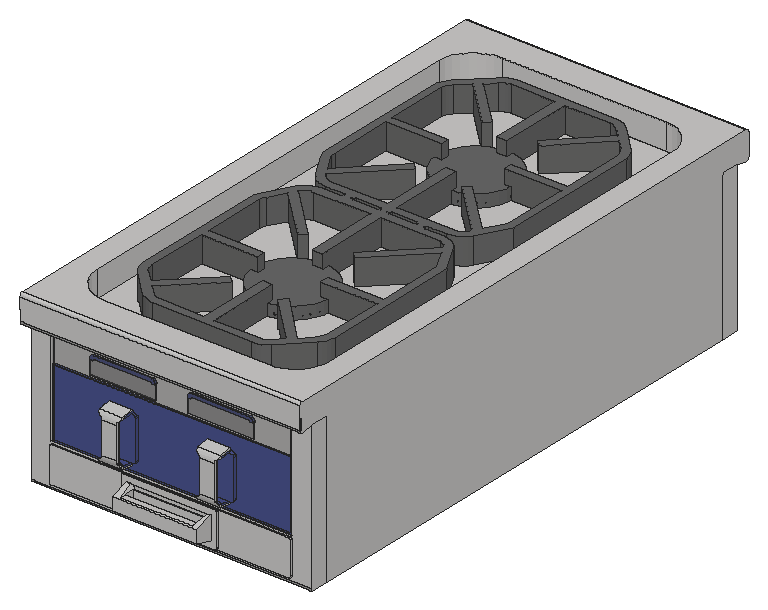
Revit family "QF_ELECTROLUXPROFESSIONAL_588047_MAGCAADOPI", category Specialty Equipment, Revit 2018
Family settings
  Round Connector Dimension = Use Diameter
  Part Type = Normal
  Work Plane-Based = No
  Always vertical = Yes
  Cut with Voids When Loaded = No
  Shared = No
  Room Calculation Point = No
Parameters
  Weight in Pounds = 81.571
  Watts = 0 W
  URL Cutsheet = ""
  Type Mark [instance] = ""
  Status [instance] = ""
  Specification by User [instance] = ""
  Specification by Manufacturer = ""
  Show Clearance [instance] = yes
  Serial Number = ""
  Seismic Rating = ""
  SMACNA No = ""
  Revision Code [instance] = ""
  Omniclass Number and Title = ""
  NAFEM Spec ID Number = ""
  Model = "588047"
  Mechanical Remarks [instance] = ""
  Mechanical Connection Type [instance] = ""
  Masterspec = ""
  Manufacturer = "ELECTROLUX"
  Item Number [instance] = ""
  Installed By [instance] = ""
  Identify Quantity as Lot [instance] = yes
  HP = "0 HP"
  Gas Size = 1/2"
  Gas RI Height [instance] = 0 mm
  Gas KW = 14
  Gas Input = 47726.0 Btu/h
  Gas Connection Height [instance] = 0 mm
  Furnished By [instance] = ""
  Foodservice Equipment Identifier [instance] = yes
  Direct Waste Size = 0"
  Description = "GAS TOP,2 BURNERS,ECO,1-SIDE,400X800X250H"
  CSI MasterFormat = ""
  CSI Master Format = ""
  Back Panel [instance] = yes
Reference planes
  plane 1 "BACK": y = 0
  plane 2: z = 0
  plane 3 "LEFT": x = 0
  plane 4 "RIGHT": x = 400
  plane 5 "FRONT": y = -800
  plane 6 "TOP": z = 250
  plane 7: x = 200
  plane 8: y = -400
  plane 9: z = 370
  plane 10: x = 365
  plane 11: y = -60.425
  plane 12: y = -1230
Forms (mm)
  Extrusion 1, solid, material "QF_Finishes_Stainless Steel"
    sketch origin (0, -487.128, 0) x (0, 1, 0) y (0, 0, 1)
      loop
        line (483.128, 250) -> (-308.872, 250)
        arc (-308.872, 250) -> (-311.7, 248.828) -> (-312.872, 246) r 4
        line (-312.872, 246) -> (-312.872, 214)
        arc (-312.872, 214) -> (-311.437, 210.931) -> (-308.161, 210.064) r 4
        line (-308.161, 210.064) -> (-292.872, 213) -> (-267.872, 213) -> (-267.872, 0) -> (441.714, 0) -> (441.714, 213) -> (465.765, 213) -> (482.433, 210.061)
        arc (482.433, 210.061) -> (485.699, 210.936) -> (487.128, 214) r 4
        line (487.128, 214) -> (487.128, 246)
        arc (487.128, 246) -> (485.956, 248.828) -> (483.128, 250) r 4
    from 0 to 400
  Extrusion 2, solid, material "QF_Finishes_Stainless Steel", visible <- "Back Panel"
    sketch origin (0, 0.586, 0) x (0, 1, 0) y (0, 0, 1)
      loop
        line (-46, 0) -> (-21, 0) -> (-21, 212.833) -> (-21.949, 213) -> (-46, 213) -> (-46, 0)
    from 0 to 400
  Extrusion 3, void
    sketch origin (653.786, 44.048, 250) x (1, 0, 0) y (0, -1, 0)
      loop
        line (-570.234, 89.462) -> (-335.321, 89.462)
        arc (-335.321, 89.462) -> (-300.694, 103.805) -> (-286.351, 138.432) r 48.97
        line (-286.351, 138.432) -> (-286.351, 750.078)
        arc (-286.351, 750.078) -> (-300.694, 784.705) -> (-335.321, 799.048) r 48.97
        line (-335.321, 799.048) -> (-570.234, 799.048)
        arc (-570.234, 799.048) -> (-605.59, 784.403) -> (-620.234, 749.048) r 50
        line (-620.234, 749.048) -> (-620.234, 139.462)
        arc (-620.234, 139.462) -> (-605.59, 104.107) -> (-570.234, 89.462) r 50
    from 0 to 37
  Extrusion 4, solid, material "QF_Finishes_Stainless Steel"
    sketch origin (10, -560, 0) x (1, 0, 0) y (0, -1, 0)
      loop
        circle (355, -70) r 6.35
    from 0 to 3.2
  Extrusion 5, solid, material "QF_Door-Drawer Clearances", visible <- "Show Clearance", detail levels coarse
    sketch origin (-178.969, -4572, 0) x (-1, 0, 0) y (0, -1, 0)
      loop
        line (-207.364, -3789.407) -> (-207.364, -3342) -> (-551.364, -3342) -> (-551.364, -3789.407) -> (-207.364, -3789.407)
    from 8.012 to 59.392
Cuts and joins
  Extrusion 3 cuts Extrusion 1
Lines and regions (mm)
  symbolic lines
    curve 1: line (0, 0, 0) -> (400, 0, 0)
    curve 2: line (0, -800, 0) -> (0, 0, 0)
    curve 3: line (400, -800, 0) -> (0, -800, 0)
    curve 4: line (400, 0, 0) -> (400, -800, 0)
    curve 5: arc (83.552, -755, 0) -> (48.197, -740.355, 0) -> (33.552, -705, 0) r 50
    curve 6: line (33.552, -705, 0) -> (33.552, -95.414, 0)
    curve 7: arc (33.552, -95.414, 0) -> (48.197, -60.059, 0) -> (83.552, -45.414, 0) r 50
    curve 8: line (83.552, -45.414, 0) -> (318.465, -45.414, 0)
    curve 9: arc (318.465, -45.414, 0) -> (353.092, -59.757, 0) -> (367.435, -94.384, 0) r 48.97
    curve 10: line (367.435, -94.384, 0) -> (367.435, -706.03, 0)
    curve 11: arc (367.435, -706.03, 0) -> (353.092, -740.657, 0) -> (318.465, -755, 0) r 48.97
    curve 12: line (318.465, -755, 0) -> (83.552, -755, 0)
  symbolic lines, style "QF_Door-Drawer Clearances"
    curve 13: line (28.395, -800, 0) -> (28.395, -1230, 0)
    curve 14: line (28.395, -1230, 0) -> (372.395, -1230, 0)
    curve 15: line (372.395, -1230, 0) -> (372.395, -800, 0)
Dimensions and locks
  plane 3 "LEFT" to plane 4 "RIGHT" = 400 mm
  plane 5 "FRONT" to plane 1 "BACK" = 800 mm
  equal spacing: plane 3 "LEFT", plane 7, plane 4 "RIGHT"
  equal spacing: plane 5 "FRONT", plane 8, plane 1 "BACK"
  plane 6 "TOP" to level = 250 mm  (x2)
  plane 1 "BACK" to plane 5 "FRONT" = 800 mm
  Extrusion 4 sketch curve to plane 1 "BACK" = 490 mm
  Extrusion 4 sketch curve to plane 4 "RIGHT" = 35 mm
  plane 1 "BACK" to Extrusion 4 = 490 mm
  locked: plane 10 to plane 4 "RIGHT" at 35
  plane 12 to plane 5 "FRONT" = 430 mm
  aligned and locked: level to plane 2
  aligned and locked: Extrusion 1 to plane 4 "RIGHT"
Automatic sketch dimensions
  Extrusion 1 sketch curve to plane 5 "FRONT" = 0 mm
  Extrusion 1 sketch curve to plane 6 "TOP" = 0 mm
  Extrusion 1 sketch curve to level = 0 mm
  Extrusion 1 sketch curve to plane 1 "BACK" = 0 mm
  Extrusion 1 sketch curve to plane 6 "TOP" = 37 mm  (x2)
  Extrusion 1 sketch curve to plane 5 "FRONT" = 4 mm
  Extrusion 1 sketch curve to plane 5 "FRONT" = 20 mm
  Extrusion 1 sketch curve to plane 5 "FRONT" = 45 mm
  plane 1 "BACK" to Extrusion 1 sketch curve = 21.363 mm
  plane 1 "BACK" to Extrusion 1 sketch curve = 4 mm  (x2)
  Extrusion 1 sketch curve to Extrusion 1 sketch curve = 4 mm
  Extrusion 1 sketch curve to Extrusion 1 sketch curve = 0.711 mm
  plane 1 "BACK" to Extrusion 1 sketch curve = 4.695 mm
  Extrusion 1 sketch curve to Extrusion 1 sketch curve = 0 mm  (x2)
  Extrusion 1 sketch curve to Extrusion 1 sketch curve = 1 mm  (x2)
  plane 1 "BACK" to Extrusion 1 sketch curve = 45.414 mm
  plane 1 "BACK" to curve 1 = 0 mm
  curve 1 to plane 4 "RIGHT" = 0 mm
  curve 2 to plane 3 "LEFT" = 0 mm
  plane 5 "FRONT" to curve 2 = 0 mm
  Extrusion 3 sketch curve to Extrusion 3 sketch curve = 50 mm  (x2)
  Extrusion 1 to Extrusion 3 sketch curve = 81.535 mm  (x2)
  Extrusion 1 to Extrusion 3 sketch curve = 41 mm
  Extrusion 1 to Extrusion 3 sketch curve = 32.565 mm
  Extrusion 1 to Extrusion 3 sketch curve = 33.552 mm
  Extrusion 1 to Extrusion 3 sketch curve = 91.414 mm
  Extrusion 2 sketch curve to level = 0 mm
  plane 11 to Extrusion 2 sketch curve = 15.012 mm
  Extrusion 2 sketch curve to plane 6 "TOP" = 37.167 mm
  Extrusion 2 sketch curve to Extrusion 2 sketch curve = 0.949 mm
  plane 1 "BACK" to Extrusion 2 sketch curve = 20.414 mm
  Extrusion 2 sketch curve to plane 6 "TOP" = 37 mm
  curve 10 to plane 10 = 2.435 mm
  plane 11 to curve 8 = 15.012 mm
  plane 10 to curve 8 = 46.535 mm
  plane 3 "LEFT" to curve 8 = 83.552 mm
  plane 3 "LEFT" to curve 6 = 33.552 mm
  curve 6 to plane 5 "FRONT" = 95 mm
  plane 10 to curve 12 = 46.535 mm
  curve 10 to plane 5 "FRONT" = 93.97 mm
  plane 5 "FRONT" to curve 13 = 0 mm
  plane 5 "FRONT" to curve 15 = 0 mm
  plane 3 "LEFT" to curve 13 = 28.395 mm
  curve 15 to plane 10 = 7.395 mm
  plane 5 "FRONT" to curve 15 = 430 mm
  Extrusion 5 sketch curve to plane 10 = 7.395 mm
  Extrusion 5 sketch curve to plane 5 "FRONT" = 17.407 mm
  plane 3 "LEFT" to Extrusion 5 sketch curve = 28.395 mm
  plane 5 "FRONT" to Extrusion 5 sketch curve = 430 mm
  radius of Extrusion 4 sketch curve = 6.35 mm
Nested families
  nested 1: "OBT_800_Open Burner" at (200, -400.207, -649.319), type "OBT_800_Open Burner"
  nested 2: "EG_800_500_Single Range Control Handle Front Panel 1b" at (202.376, -755, -650), type "EG_800_500_Single Range Control Handle Front Panel 1b"
Connectors
  piping at (365, -490, -3.2), diameter 12.8
    settings: on Extrusion 4, index 1, connector inside diameter 0.50394", connector length 0 mm, flow factor 0, pipe flow 0 GPM, pressure drop 0.00 psi, fitting loss kfactor 0, connector angle 0.00°, fixture units 0, engagement length 0 mm, angle of deflection 0.00°, flow configuration 1, flow direction 1, fitting loss method 0, system type 7, joint type 0, gender type 0, connector reference index -1, connector utility 0, adjustable connector no, is connector primary yes, connector description "GAS CONNECTION"
Definition of nested family "OBT_800_Open Burner"
  Reference planes
    plane 1 "Center (Front/Back)": y = 0
    plane 2: z = 0
    plane 3 "Center (Left/Right)": x = 0
    plane 4: x = -136.448
    plane 5: x = 137.435
    plane 6: y = 324.793
    plane 7: y = -324.793
  Forms (mm)
    Extrusion 1, solid
      sketch origin (2130.573, 56.896, -679.622) x (1, 0, 0) y (0, 1, 0)
        loop
          line (-2137.44, 256.49) -> (-2200.793, 256.49)
          arc (-2200.793, 256.49) -> (-2207.908, 255.075) -> (-2213.94, 251.044) r 18.593
          line (-2213.94, 251.044) -> (-2226.233, 238.751) -> (-2163.48, 175.998) -> (-2171.6, 167.877) -> (-2234.354, 230.631) -> (-2250.33, 214.654)
          arc (-2250.33, 214.654) -> (-2254.433, 208.337) -> (-2255.614, 200.897) r 18.125
          line (-2255.614, 200.897) -> (-2255.614, 113.422) -> (-2175.79, 113.422) -> (-2175.79, 101.938) -> (-2255.614, 101.938) -> (-2255.614, 10.897)
          arc (-2255.614, 10.897) -> (-2254.981, 6.085) -> (-2253.123, 1.601) r 18.593
          line (-2253.123, 1.601) -> (-2240.078, -20.994) -> (-2171.6, 47.483) -> (-2163.48, 39.363) -> (-2234.012, -31.169)
          arc (-2234.012, -31.169) -> (-2228.546, -38.527) -> (-2220.23, -42.379) r 18.593
          line (-2220.23, -42.379) -> (-2137.44, -42.379) -> (-2137.44, 62.464) -> (-2123.707, 62.464) -> (-2123.707, -42.379) -> (-2039.969, -42.379)
          arc (-2039.969, -42.379) -> (-2031.653, -38.527) -> (-2026.187, -31.169) r 18.593
          line (-2026.187, -31.169) -> (-2097.271, 39.915) -> (-2089.15, 48.035) -> (-2020.118, -20.997) -> (-2004.585, 5.916) -> (-2004.585, 101.938) -> (-2085.357, 101.938) -> (-2085.357, 113.422) -> (-2004.585, 113.422) -> (-2004.585, 197.888)
          arc (-2004.585, 197.888) -> (-2006.695, 208.496) -> (-2012.704, 217.489) r 27.72
          line (-2012.704, 217.489) -> (-2025.845, 230.631) -> (-2089.15, 167.325) -> (-2097.271, 175.446) -> (-2033.966, 238.751) -> (-2046.259, 251.044)
          arc (-2046.259, 251.044) -> (-2052.291, 255.075) -> (-2059.406, 256.49) r 18.593
          line (-2059.406, 256.49) -> (-2123.707, 256.49) -> (-2123.707, 152.897) -> (-2137.44, 152.897) -> (-2137.44, 256.49)
        loop
          arc (-2267.021, 10.897) -> (-2265.999, 3.132) -> (-2263.002, -4.103) r 30
          line (-2263.002, -4.103) -> (-2242.795, -39.103)
          arc (-2242.795, -39.103) -> (-2231.814, -50.084) -> (-2216.814, -54.103) r 30
          line (-2216.814, -54.103) -> (-2189.287, -54.103)
          arc (-2189.287, -54.103) -> (-2188.243, -56) -> (-2186.272, -56.896) r 3.438
          arc (-2186.272, -56.896) -> (-2188.243, -57.792) -> (-2189.287, -59.689) r 3.438
          line (-2189.287, -59.689) -> (-2216.814, -59.689)
          arc (-2216.814, -59.689) -> (-2231.814, -63.708) -> (-2242.795, -74.689) r 30
          line (-2242.795, -74.689) -> (-2263.002, -109.689)
          arc (-2263.002, -109.689) -> (-2265.999, -116.924) -> (-2267.021, -124.689) r 30
          line (-2267.021, -124.689) -> (-2267.021, -315.461)
          arc (-2267.021, -315.461) -> (-2264.738, -326.941) -> (-2258.234, -336.674) r 30
          line (-2258.234, -336.674) -> (-2221.975, -372.933)
          arc (-2221.975, -372.933) -> (-2212.253, -379.414) -> (-2200.793, -381.689) r 30
          line (-2200.793, -381.689) -> (-2059.406, -381.689)
          arc (-2059.406, -381.689) -> (-2047.942, -379.412) -> (-2038.218, -372.928) r 30
          line (-2038.218, -372.928) -> (-2001.964, -336.674)
          arc (-2001.964, -336.674) -> (-1995.461, -326.941) -> (-1993.138, -315.461) r 30
          line (-1993.138, -315.461) -> (-1993.138, -116.719) -> (-2017.404, -74.689)
          arc (-2017.404, -74.689) -> (-2028.385, -63.708) -> (-2043.385, -59.689) r 30
          line (-2043.385, -59.689) -> (-2070.476, -59.689)
          arc (-2070.476, -59.689) -> (-2072.136, -57.759) -> (-2074.531, -56.896) r 5
          arc (-2074.531, -56.896) -> (-2072.136, -56.033) -> (-2070.476, -54.103) r 5
          line (-2070.476, -54.103) -> (-2043.385, -54.103)
          arc (-2043.385, -54.103) -> (-2028.385, -50.084) -> (-2017.404, -39.103) r 30
          line (-2017.404, -39.103) -> (-1993.294, 2.656) -> (-1993.294, 204.314)
          arc (-1993.294, 204.314) -> (-1995.995, 214.361) -> (-2001.964, 222.882) r 30
          line (-2001.964, 222.882) -> (-2038.218, 259.136)
          arc (-2038.218, 259.136) -> (-2047.942, 265.62) -> (-2059.406, 267.897) r 30
          line (-2059.406, 267.897) -> (-2200.793, 267.897)
          arc (-2200.793, 267.897) -> (-2212.253, 265.622) -> (-2221.975, 259.141) r 30
          line (-2221.975, 259.141) -> (-2258.234, 222.882)
          arc (-2258.234, 222.882) -> (-2264.738, 213.149) -> (-2267.021, 201.669) r 30
          line (-2267.021, 201.669) -> (-2267.021, 10.897)
        loop
          arc (-2122.397, -54.103) -> (-2124.057, -56.033) -> (-2126.452, -56.896) r 5
          arc (-2126.452, -56.896) -> (-2124.057, -57.759) -> (-2122.397, -59.689) r 5
          line (-2122.397, -59.689) -> (-2085.985, -59.689)
          arc (-2085.985, -59.689) -> (-2084.941, -57.792) -> (-2082.97, -56.896) r 3.438
          arc (-2082.97, -56.896) -> (-2084.941, -56) -> (-2085.985, -54.103) r 3.438
          line (-2085.985, -54.103) -> (-2122.397, -54.103)
        loop
          arc (-2173.778, -54.103) -> (-2175.438, -56.033) -> (-2177.833, -56.896) r 5
          arc (-2177.833, -56.896) -> (-2175.438, -57.759) -> (-2173.778, -59.689) r 5
          line (-2173.778, -59.689) -> (-2137.906, -59.689)
          arc (-2137.906, -59.689) -> (-2136.862, -57.792) -> (-2134.891, -56.896) r 3.438
          arc (-2134.891, -56.896) -> (-2136.862, -56) -> (-2137.906, -54.103) r 3.438
          line (-2137.906, -54.103) -> (-2173.778, -54.103)
        loop
          line (-2137.44, -370.282) -> (-2137.44, -265.439) -> (-2123.707, -265.439) -> (-2123.707, -370.282) -> (-2059.406, -370.282)
          arc (-2059.406, -370.282) -> (-2052.291, -368.867) -> (-2046.259, -364.836) r 18.593
          line (-2046.259, -364.836) -> (-2033.341, -351.918) -> (-2097.271, -287.988) -> (-2089.15, -279.867) -> (-2025.22, -343.798) -> (-2012.704, -331.281)
          arc (-2012.704, -331.281) -> (-2006.695, -322.288) -> (-2004.585, -311.68) r 27.72
          line (-2004.585, -311.68) -> (-2004.585, -225.964) -> (-2085.357, -225.964) -> (-2085.357, -214.48) -> (-2004.585, -214.48) -> (-2004.585, -119.708) -> (-2020.576, -92.003) -> (-2089.15, -160.577) -> (-2097.271, -152.457) -> (-2026.57, -81.755)
          arc (-2026.57, -81.755) -> (-2032.024, -74.971) -> (-2039.969, -71.413) r 18.593
          line (-2039.969, -71.413) -> (-2123.707, -71.413) -> (-2123.707, -175.006) -> (-2137.44, -175.006) -> (-2137.44, -71.413) -> (-2220.23, -71.413)
          arc (-2220.23, -71.413) -> (-2228.175, -74.971) -> (-2233.629, -81.755) r 18.593
          line (-2233.629, -81.755) -> (-2163.48, -151.905) -> (-2171.6, -160.025) -> (-2239.62, -92.005) -> (-2253.123, -115.393)
          arc (-2253.123, -115.393) -> (-2254.981, -119.877) -> (-2255.614, -124.689) r 18.593
          line (-2255.614, -124.689) -> (-2255.614, -214.48) -> (-2175.79, -214.48) -> (-2175.79, -225.964) -> (-2255.614, -225.964) -> (-2255.614, -314.689)
          arc (-2255.614, -314.689) -> (-2254.433, -322.129) -> (-2250.33, -328.446) r 18.125
          line (-2250.33, -328.446) -> (-2234.979, -343.798) -> (-2171.6, -280.419) -> (-2163.48, -288.54) -> (-2226.858, -351.918) -> (-2213.94, -364.836)
          arc (-2213.94, -364.836) -> (-2207.908, -368.867) -> (-2200.793, -370.282) r 18.593
          line (-2200.793, -370.282) -> (-2137.44, -370.282)
      from 1542.072 to 1578.941
    Extrusion 2, solid
      sketch origin (2130.573, 86.122, 0) x (1, 0, 0) y (0, 1, 0)
        loop
          circle (-2130.573, -249.448) r 55
        loop
          circle (-2130.573, 78.455) r 55
      from 862.45 to 879.837
    Extrusion 3, void
      sketch origin (-124.371, -330.785, -22.784) x (-0.587785, -0.809017, 0) y (0, 0, 1)
        loop
          circle (-213.495, 891.283) r 1
      from -67.69 to -35.114
    Extrusion 4, void
      sketch origin (-89.903, -351.417, -22.784) x (-0.422618, -0.906308, 0) y (0, 0, 1)
        loop
          circle (-213.495, 891.283) r 1
      from -74.826 to -35.114
    Extrusion 5, void
      sketch origin (-52.131, -365.093, -22.784) x (-0.241922, -0.970296, 0) y (0, 0, 1)
        loop
          circle (-213.495, 891.283) r 1
      from -67.69 to -35.114
    Extrusion 6, void
      sketch origin (27.702, -369.842, -22.784) x (0.139173, -0.990268, 0) y (0, 0, 1)
        loop
          circle (-213.495, 891.283) r 1
      from -67.69 to -35.114
    Extrusion 7, void
      sketch origin (66.829, -360.74, -22.784) x (0.325568, -0.945519, 0) y (0, 0, 1)
        loop
          circle (-213.495, 891.283) r 1
      from -67.69 to -35.114
    Extrusion 8, void
      sketch origin (103.5, -344.339, -22.784) x (0.5, -0.866025, 0) y (0, 0, 1)
        loop
          circle (-213.495, 891.283) r 1
      from -67.69 to -35.114
    Extrusion 9, void
      sketch origin (136.368, -321.242, -22.784) x (0.656059, -0.75471, 0) y (0, 0, 1)
        loop
          circle (-213.495, 891.283) r 1
      from -67.69 to -35.114
    Extrusion 10, void
      sketch origin (164.225, -292.298, -22.784) x (0.788011, -0.615661, 0) y (0, 0, 1)
        loop
          circle (-213.495, 891.283) r 1
      from -67.69 to -35.114
    Extrusion 11, void
      sketch origin (186.048, -258.571, -22.784) x (0.891007, -0.45399, 0) y (0, 0, 1)
        loop
          circle (-213.495, 891.283) r 1
      from -67.69 to -35.114
    Extrusion 12, void
      sketch origin (201.034, -221.299, -22.784) x (0.961262, -0.275637, 0) y (0, 0, 1)
        loop
          circle (-213.495, 891.283) r 1
      from -67.69 to -35.114
    Extrusion 13, void
      sketch origin (208.566, -141.681, -22.784) x (0.994522, 0.104528, 0) y (0, 0, 1)
        loop
          circle (-213.495, 891.283) r 1
      from -67.69 to -35.114
    Extrusion 14, void
      sketch origin (200.835, -102.26, -22.784) x (0.956305, 0.292372, 0) y (0, 0, 1)
        loop
          circle (-213.495, 891.283) r 1
      from -67.69 to -35.114
    Extrusion 15, void
      sketch origin (185.724, -65.039, -22.784) x (0.882948, 0.469472, 0) y (0, 0, 1)
        loop
          circle (-213.495, 891.283) r 1
      from -67.69 to -35.114
    Extrusion 16, void
      sketch origin (163.788, -31.385, -22.784) x (0.777146, 0.62932, 0) y (0, 0, 1)
        loop
          circle (-213.495, 891.283) r 1
      from -67.69 to -35.114
    Extrusion 17, void
      sketch origin (135.834, -2.534, -22.784) x (0.642788, 0.766044, 0) y (0, 0, 1)
        loop
          circle (-213.495, 891.283) r 1
      from -67.69 to -35.114
    Extrusion 18, void
      sketch origin (102.889, 20.452, -22.784) x (0.48481, 0.87462, 0) y (0, 0, 1)
        loop
          circle (-213.495, 891.283) r 1
      from -67.69 to -35.114
    Extrusion 19, void
      sketch origin (66.163, 36.73, -22.784) x (0.309017, 0.951057, 0) y (0, 0, 1)
        loop
          circle (-213.495, 891.283) r 1
      from -67.69 to -35.114
    Extrusion 20, void
      sketch origin (-52.811, 40.685, -22.784) x (-0.258819, 0.965926, 0) y (0, 0, 1)
        loop
          circle (-213.495, 891.283) r 1
      from -67.69 to -35.114
    Extrusion 21, void
      sketch origin (-90.537, 26.882, -22.784) x (-0.438371, 0.898794, 0) y (0, 0, 1)
        loop
          circle (-213.495, 891.283) r 1
      from -67.69 to -35.114
    Extrusion 22, void
      sketch origin (-124.936, 6.135, -22.784) x (-0.601815, 0.798636, 0) y (0, 0, 1)
        loop
          circle (-213.495, 891.283) r 1
      from -67.69 to -35.114
    Extrusion 23, void
      sketch origin (-154.744, -20.796, -22.784) x (-0.743145, 0.669131, 0) y (0, 0, 1)
        loop
          circle (-213.495, 891.283) r 1
      from -67.69 to -35.114
    Extrusion 24, void
      sketch origin (-178.866, -52.919, -22.784) x (-0.857167, 0.515038, 0) y (0, 0, 1)
        loop
          circle (-213.495, 891.283) r 1
      from -67.69 to -35.114
    Extrusion 25, void
      sketch origin (-196.416, -89.054, -22.784) x (-0.939693, 0.34202, 0) y (0, 0, 1)
        loop
          circle (-213.495, 891.283) r 1
      from -67.69 to -35.114
    Extrusion 26, void
      sketch origin (-204.521, -207.817, -22.784) x (-0.97437, -0.224951, 0) y (0, 0, 1)
        loop
          circle (-213.495, 891.283) r 1
      from -67.69 to -35.114
    Extrusion 27, void
      sketch origin (-192.043, -246.002, -22.784) x (-0.913545, -0.406737, 0) y (0, 0, 1)
        loop
          circle (-213.495, 891.283) r 1
      from -67.69 to -35.114
    Extrusion 28, void
      sketch origin (-172.509, -281.104, -22.784) x (-0.819152, -0.573576, 0) y (0, 0, 1)
        loop
          circle (-213.495, 891.283) r 1
      from -67.69 to -35.114
    Extrusion 29, void
      sketch origin (-146.635, -311.834, -22.784) x (-0.694658, -0.71934, 0) y (0, 0, 1)
        loop
          circle (-213.495, 891.283) r 1
      from -67.69 to -35.114
    Extrusion 30, void
      sketch origin (-124.371, -2.882, -22.784) x (-0.587785, -0.809017, 0) y (0, 0, 1)
        loop
          circle (-213.495, 891.283) r 1
      from -67.69 to -35.114
    Extrusion 31, void
      sketch origin (-89.903, -23.515, -22.784) x (-0.422618, -0.906308, 0) y (0, 0, 1)
        loop
          circle (-213.495, 891.283) r 1
      from -74.826 to -35.114
    Extrusion 32, void
      sketch origin (-52.131, -37.191, -22.784) x (-0.241922, -0.970296, 0) y (0, 0, 1)
        loop
          circle (-213.495, 891.283) r 1
      from -67.69 to -35.114
    Extrusion 33, void
      sketch origin (27.702, -41.939, -22.784) x (0.139173, -0.990268, 0) y (0, 0, 1)
        loop
          circle (-213.495, 891.283) r 1
      from -67.69 to -35.114
    Extrusion 34, void
      sketch origin (66.829, -32.837, -22.784) x (0.325568, -0.945519, 0) y (0, 0, 1)
        loop
          circle (-213.495, 891.283) r 1
      from -67.69 to -35.114
    Extrusion 35, void
      sketch origin (103.5, -16.436, -22.784) x (0.5, -0.866025, 0) y (0, 0, 1)
        loop
          circle (-213.495, 891.283) r 1
      from -67.69 to -35.114
    Extrusion 36, void
      sketch origin (136.368, 6.66, -22.784) x (0.656059, -0.75471, 0) y (0, 0, 1)
        loop
          circle (-213.495, 891.283) r 1
      from -67.69 to -35.114
    Extrusion 37, void
      sketch origin (164.225, 35.604, -22.784) x (0.788011, -0.615661, 0) y (0, 0, 1)
        loop
          circle (-213.495, 891.283) r 1
      from -67.69 to -35.114
    Extrusion 38, void
      sketch origin (186.048, 69.332, -22.784) x (0.891007, -0.45399, 0) y (0, 0, 1)
        loop
          circle (-213.495, 891.283) r 1
      from -67.69 to -35.114
    Extrusion 39, void
      sketch origin (201.034, 106.603, -22.784) x (0.961262, -0.275637, 0) y (0, 0, 1)
        loop
          circle (-213.495, 891.283) r 1
      from -67.69 to -35.114
    Extrusion 40, void
      sketch origin (208.566, 186.222, -22.784) x (0.994522, 0.104528, 0) y (0, 0, 1)
        loop
          circle (-213.495, 891.283) r 1
      from -67.69 to -35.114
    Extrusion 41, void
      sketch origin (200.835, 225.642, -22.784) x (0.956305, 0.292372, 0) y (0, 0, 1)
        loop
          circle (-213.495, 891.283) r 1
      from -67.69 to -35.114
    Extrusion 42, void
      sketch origin (185.724, 262.864, -22.784) x (0.882948, 0.469472, 0) y (0, 0, 1)
        loop
          circle (-213.495, 891.283) r 1
      from -67.69 to -35.114
    Extrusion 43, void
      sketch origin (163.788, 296.518, -22.784) x (0.777146, 0.62932, 0) y (0, 0, 1)
        loop
          circle (-213.495, 891.283) r 1
      from -67.69 to -35.114
    Extrusion 44, void
      sketch origin (135.834, 325.368, -22.784) x (0.642788, 0.766044, 0) y (0, 0, 1)
        loop
          circle (-213.495, 891.283) r 1
      from -67.69 to -35.114
    Extrusion 45, void
      sketch origin (102.889, 348.355, -22.784) x (0.48481, 0.87462, 0) y (0, 0, 1)
        loop
          circle (-213.495, 891.283) r 1
      from -67.69 to -35.114
    Extrusion 46, void
      sketch origin (66.163, 364.633, -22.784) x (0.309017, 0.951057, 0) y (0, 0, 1)
        loop
          circle (-213.495, 891.283) r 1
      from -67.69 to -35.114
    Extrusion 47, void
      sketch origin (-52.811, 368.588, -22.784) x (-0.258819, 0.965926, 0) y (0, 0, 1)
        loop
          circle (-213.495, 891.283) r 1
      from -67.69 to -35.114
    Extrusion 48, void
      sketch origin (-90.537, 354.785, -22.784) x (-0.438371, 0.898794, 0) y (0, 0, 1)
        loop
          circle (-213.495, 891.283) r 1
      from -67.69 to -35.114
    Extrusion 49, void
      sketch origin (-124.936, 334.037, -22.784) x (-0.601815, 0.798636, 0) y (0, 0, 1)
        loop
          circle (-213.495, 891.283) r 1
      from -67.69 to -35.114
    Extrusion 50, void
      sketch origin (-154.744, 307.107, -22.784) x (-0.743145, 0.669131, 0) y (0, 0, 1)
        loop
          circle (-213.495, 891.283) r 1
      from -67.69 to -35.114
    Extrusion 51, void
      sketch origin (-178.866, 274.984, -22.784) x (-0.857167, 0.515038, 0) y (0, 0, 1)
        loop
          circle (-213.495, 891.283) r 1
      from -67.69 to -35.114
    Extrusion 52, void
      sketch origin (-196.416, 238.848, -22.784) x (-0.939693, 0.34202, 0) y (0, 0, 1)
        loop
          circle (-213.495, 891.283) r 1
      from -67.69 to -35.114
    Extrusion 53, void
      sketch origin (-204.521, 120.086, -22.784) x (-0.97437, -0.224951, 0) y (0, 0, 1)
        loop
          circle (-213.495, 891.283) r 1
      from -67.69 to -35.114
    Extrusion 54, void
      sketch origin (-192.043, 81.901, -22.784) x (-0.913545, -0.406737, 0) y (0, 0, 1)
        loop
          circle (-213.495, 891.283) r 1
      from -67.69 to -35.114
    Extrusion 55, void
      sketch origin (-172.509, 46.798, -22.784) x (-0.819152, -0.573576, 0) y (0, 0, 1)
        loop
          circle (-213.495, 891.283) r 1
      from -67.69 to -35.114
    Extrusion 56, void
      sketch origin (-146.635, 16.068, -22.784) x (-0.694658, -0.71934, 0) y (0, 0, 1)
        loop
          circle (-213.495, 891.283) r 1
      from -67.69 to -35.114
  Cuts and joins
    Extrusion 3, Extrusion 4, Extrusion 5, Extrusion 6, Extrusion 7, Extrusion 8, Extrusion 9, Extrusion 10, Extrusion 11, Extrusion 12, Extrusion 13, Extrusion 14, Extrusion 15, Extrusion 16, Extrusion 17, Extrusion 18, Extrusion 19, Extrusion 20, Extrusion 21, Extrusion 22, Extrusion 23, Extrusion 24, Extrusion 25, Extrusion 26, Extrusion 27, Extrusion 28, Extrusion 29, Extrusion 30, Extrusion 31, Extrusion 32, Extrusion 33, Extrusion 34, Extrusion 35, Extrusion 36, Extrusion 37, Extrusion 38, Extrusion 39, Extrusion 40, Extrusion 41, Extrusion 42, Extrusion 43, Extrusion 44, Extrusion 45, Extrusion 46, Extrusion 47, Extrusion 48, Extrusion 49, Extrusion 50, Extrusion 51, Extrusion 52, Extrusion 53, Extrusion 54, Extrusion 55, Extrusion 56 cuts Extrusion 2
    Extrusion 32 cuts Extrusion 1
  Lines and regions (mm)
    symbolic lines
      curve 1: line (-103.78, 287.527, 0) -> (-41.027, 224.773, 0)
      curve 2: line (-41.027, 224.773, 0) -> (-32.906, 232.894, 0)
      curve 3: line (-32.906, 232.894, 0) -> (-95.66, 295.647, 0)
      curve 4: line (-95.66, 295.647, 0) -> (-83.367, 307.94, 0)
      curve 5: arc (-83.367, 307.94, 0) -> (-77.335, 311.971, 0) -> (-70.219, 313.386, 0) r 18.593
      curve 6: line (-70.219, 313.386, 0) -> (-6.867, 313.386, 0)
      curve 7: line (-6.867, 313.386, 0) -> (-6.867, 209.793, 0)
      curve 8: line (-6.867, 209.793, 0) -> (6.867, 209.793, 0)
      curve 9: line (6.867, 209.793, 0) -> (6.867, 313.386, 0)
      curve 10: line (6.867, 313.386, 0) -> (71.168, 313.386, 0)
      curve 11: arc (71.168, 313.386, 0) -> (78.283, 311.971, 0) -> (84.315, 307.94, 0) r 18.593
      curve 12: line (84.315, 307.94, 0) -> (96.608, 295.647, 0)
      curve 13: line (96.608, 295.647, 0) -> (33.302, 232.342, 0)
      curve 14: line (33.302, 232.342, 0) -> (41.423, 224.221, 0)
      curve 15: line (41.423, 224.221, 0) -> (104.728, 287.527, 0)
      curve 16: line (104.728, 287.527, 0) -> (117.87, 274.385, 0)
      curve 17: arc (117.87, 274.385, 0) -> (123.879, 265.392, 0) -> (125.989, 254.784, 0) r 27.72
      curve 18: line (125.989, 254.784, 0) -> (125.989, 170.318, 0)
      curve 19: line (125.989, 170.318, 0) -> (45.217, 170.318, 0)
      curve 20: line (45.217, 170.318, 0) -> (45.217, 158.834, 0)
      curve 21: line (45.217, 158.834, 0) -> (125.989, 158.834, 0)
      curve 22: line (125.989, 158.834, 0) -> (125.989, 62.812, 0)
      curve 23: line (125.989, 62.812, 0) -> (110.455, 35.899, 0)
      curve 24: line (110.455, 35.899, 0) -> (41.423, 104.931, 0)
      curve 25: line (41.423, 104.931, 0) -> (33.302, 96.811, 0)
      curve 26: line (33.302, 96.811, 0) -> (104.386, 25.727, 0)
      curve 27: arc (104.386, 25.727, 0) -> (98.921, 18.369, 0) -> (90.604, 14.517, 0) r 18.593
      curve 28: line (90.604, 14.517, 0) -> (6.867, 14.517, 0)
      curve 29: line (6.867, 14.517, 0) -> (6.867, 119.36, 0)
      curve 30: line (6.867, 119.36, 0) -> (-6.867, 119.36, 0)
      curve 31: line (-6.867, 119.36, 0) -> (-6.867, 14.517, 0)
      curve 32: line (-6.867, 14.517, 0) -> (-89.656, 14.517, 0)
      curve 33: arc (-89.656, 14.517, 0) -> (-97.973, 18.369, 0) -> (-103.438, 25.727, 0) r 18.593
      curve 34: line (-103.438, 25.727, 0) -> (-32.906, 96.259, 0)
      curve 35: line (-32.906, 96.259, 0) -> (-41.027, 104.379, 0)
      curve 36: line (-41.027, 104.379, 0) -> (-109.504, 35.902, 0)
      curve 37: line (-109.504, 35.902, 0) -> (-122.55, 58.497, 0)
      curve 38: arc (-122.55, 58.497, 0) -> (-124.407, 62.981, 0) -> (-125.041, 67.793, 0) r 18.593
      curve 39: line (-125.041, 67.793, 0) -> (-125.041, 158.834, 0)
      curve 40: line (-125.041, 158.834, 0) -> (-45.217, 158.834, 0)
      curve 41: line (-45.217, 158.834, 0) -> (-45.217, 170.318, 0)
      curve 42: line (-45.217, 170.318, 0) -> (-125.041, 170.318, 0)
      curve 43: line (-125.041, 170.318, 0) -> (-125.041, 257.793, 0)
      curve 44: arc (-125.041, 257.793, 0) -> (-123.86, 265.233, 0) -> (-119.757, 271.55, 0) r 18.125
      curve 45: line (-119.757, 271.55, 0) -> (-103.78, 287.527, 0)
      curve 46: line (-32.906, -95.009, 0) -> (-103.056, -24.859, 0)
      curve 47: arc (-103.056, -24.859, 0) -> (-97.601, -18.075, 0) -> (-89.656, -14.517, 0) r 18.593
      curve 48: line (-89.656, -14.517, 0) -> (-6.867, -14.517, 0)
      curve 49: line (-6.867, -14.517, 0) -> (-6.867, -118.11, 0)
      curve 50: line (-6.867, -118.11, 0) -> (6.867, -118.11, 0)
      curve 51: line (6.867, -118.11, 0) -> (6.867, -14.517, 0)
      curve 52: line (6.867, -14.517, 0) -> (90.604, -14.517, 0)
      curve 53: arc (90.604, -14.517, 0) -> (98.549, -18.075, 0) -> (104.004, -24.859, 0) r 18.593
      curve 54: line (104.004, -24.859, 0) -> (33.302, -95.561, 0)
      curve 55: line (33.302, -95.561, 0) -> (41.423, -103.681, 0)
      curve 56: line (41.423, -103.681, 0) -> (109.998, -35.107, 0)
      curve 57: line (109.998, -35.107, 0) -> (125.989, -62.812, 0)
      curve 58: line (125.989, -62.812, 0) -> (125.989, -157.584, 0)
      curve 59: line (125.989, -157.584, 0) -> (45.217, -157.584, 0)
      curve 60: line (45.217, -157.584, 0) -> (45.217, -169.068, 0)
      curve 61: line (45.217, -169.068, 0) -> (125.989, -169.068, 0)
      curve 62: line (125.989, -169.068, 0) -> (125.989, -254.784, 0)
      curve 63: arc (125.989, -254.784, 0) -> (123.879, -265.392, 0) -> (117.87, -274.385, 0) r 27.72
      curve 64: line (117.87, -274.385, 0) -> (105.353, -286.902, 0)
      curve 65: line (105.353, -286.902, 0) -> (41.423, -222.971, 0)
      curve 66: line (41.423, -222.971, 0) -> (33.302, -231.092, 0)
      curve 67: line (33.302, -231.092, 0) -> (97.233, -295.022, 0)
      curve 68: line (97.233, -295.022, 0) -> (84.315, -307.94, 0)
      curve 69: arc (84.315, -307.94, 0) -> (78.283, -311.971, 0) -> (71.168, -313.386, 0) r 18.593
      curve 70: line (71.168, -313.386, 0) -> (6.867, -313.386, 0)
      curve 71: line (6.867, -313.386, 0) -> (6.867, -208.543, 0)
      curve 72: line (6.867, -208.543, 0) -> (-6.867, -208.543, 0)
      curve 73: line (-6.867, -208.543, 0) -> (-6.867, -313.386, 0)
      curve 74: line (-6.867, -313.386, 0) -> (-70.219, -313.386, 0)
      curve 75: arc (-70.219, -313.386, 0) -> (-77.335, -311.971, 0) -> (-83.367, -307.94, 0) r 18.593
      curve 76: line (-83.367, -307.94, 0) -> (-96.285, -295.022, 0)
      curve 77: line (-96.285, -295.022, 0) -> (-32.906, -231.644, 0)
      curve 78: line (-32.906, -231.644, 0) -> (-41.027, -223.523, 0)
      curve 79: line (-41.027, -223.523, 0) -> (-104.405, -286.902, 0)
      curve 80: line (-104.405, -286.902, 0) -> (-119.757, -271.55, 0)
      curve 81: arc (-119.757, -271.55, 0) -> (-123.86, -265.233, 0) -> (-125.041, -257.793, 0) r 18.125
      curve 82: line (-125.041, -257.793, 0) -> (-125.041, -169.068, 0)
      curve 83: line (-125.041, -169.068, 0) -> (-45.217, -169.068, 0)
      curve 84: line (-45.217, -169.068, 0) -> (-45.217, -157.584, 0)
      curve 85: line (-45.217, -157.584, 0) -> (-125.041, -157.584, 0)
      curve 86: line (-125.041, -157.584, 0) -> (-125.041, -67.793, 0)
      curve 87: arc (-125.041, -67.793, 0) -> (-124.407, -62.981, 0) -> (-122.55, -58.497, 0) r 18.593
      curve 88: line (-122.55, -58.497, 0) -> (-109.047, -35.109, 0)
      curve 89: line (-109.047, -35.109, 0) -> (-41.027, -103.129, 0)
      curve 90: line (-41.027, -103.129, 0) -> (-32.906, -95.009, 0)
      curve 91: line (-132.429, 52.793, 0) -> (-112.221, 17.793, 0)
      curve 92: arc (-112.221, 17.793, 0) -> (-101.241, 6.812, 0) -> (-86.241, 2.793, 0) r 30
      curve 93: line (-86.241, 2.793, 0) -> (-58.714, 2.793, 0)
      curve 94: arc (-58.714, 2.793, 0) -> (-57.669, 0.896, 0) -> (-55.698, 0, 0) r 3.438
      curve 95: arc (-55.698, 0, 0) -> (-57.669, -0.896, 0) -> (-58.714, -2.793, 0) r 3.438
      curve 96: line (-58.714, -2.793, 0) -> (-86.241, -2.793, 0)
      curve 97: arc (-86.241, -2.793, 0) -> (-101.241, -6.812, 0) -> (-112.221, -17.793, 0) r 30
      curve 98: line (-112.221, -17.793, 0) -> (-132.429, -52.793, 0)
      curve 99: arc (-132.429, -52.793, 0) -> (-135.426, -60.028, 0) -> (-136.448, -67.793, 0) r 30
      curve 100: line (-136.448, -67.793, 0) -> (-136.448, -258.565, 0)
      curve 101: arc (-136.448, -258.565, 0) -> (-134.164, -270.045, 0) -> (-127.661, -279.778, 0) r 30
      curve 102: line (-127.661, -279.778, 0) -> (-91.401, -316.037, 0)
      curve 103: arc (-91.401, -316.037, 0) -> (-81.68, -322.518, 0) -> (-70.219, -324.793, 0) r 30
      curve 104: line (-70.219, -324.793, 0) -> (71.168, -324.793, 0)
      curve 105: arc (71.168, -324.793, 0) -> (82.631, -322.516, 0) -> (92.355, -316.032, 0) r 30
      curve 106: line (92.355, -316.032, 0) -> (128.609, -279.778, 0)
      curve 107: arc (128.609, -279.778, 0) -> (135.112, -270.045, 0) -> (137.396, -258.565, 0) r 30
      curve 108: line (137.435, -258.565, 0) -> (137.435, -59.823, 0)
      curve 109: line (137.435, -59.823, 0) -> (113.169, -17.793, 0)
      curve 110: arc (113.169, -17.793, 0) -> (102.189, -6.812, 0) -> (87.189, -2.793, 0) r 30
      curve 111: line (87.189, -2.793, 0) -> (60.098, -2.793, 0)
      curve 112: arc (60.098, -2.793, 0) -> (58.438, -0.863, 0) -> (56.042, 0, 0) r 5
      curve 113: arc (56.042, 0, 0) -> (58.438, 0.863, 0) -> (60.098, 2.793, 0) r 5
      curve 114: line (60.098, 2.793, 0) -> (87.189, 2.793, 0)
      curve 115: arc (87.189, 2.793, 0) -> (102.189, 6.812, 0) -> (113.169, 17.793, 0) r 30
      curve 116: line (113.169, 17.793, 0) -> (137.279, 59.552, 0)
      curve 117: line (137.279, 59.552, 0) -> (137.279, 261.21, 0)
      curve 118: arc (137.279, 261.21, 0) -> (134.579, 271.257, 0) -> (128.609, 279.778, 0) r 30
      curve 119: line (128.609, 279.778, 0) -> (92.355, 316.032, 0)
      curve 120: arc (92.355, 316.032, 0) -> (82.631, 322.516, 0) -> (71.168, 324.793, 0) r 30
      curve 121: line (71.168, 324.793, 0) -> (-70.219, 324.793, 0)
      curve 122: arc (-70.219, 324.793, 0) -> (-81.68, 322.518, 0) -> (-91.401, 316.037, 0) r 30
      curve 123: line (-91.401, 316.037, 0) -> (-127.661, 279.778, 0)
      curve 124: arc (-127.661, 279.778, 0) -> (-134.164, 270.045, 0) -> (-136.448, 258.565, 0) r 30
      curve 125: line (-136.448, 258.565, 0) -> (-136.448, 67.793, 0)
      curve 126: arc (-136.448, 67.793, 0) -> (-135.426, 60.028, 0) -> (-132.429, 52.793, 0) r 30
      curve 127: line (-43.204, 2.793, 0) -> (-7.333, 2.793, 0)
      curve 128: arc (-7.333, 2.793, 0) -> (-6.288, 0.896, 0) -> (-4.317, 0, 0) r 3.438
      curve 129: arc (-4.317, 0, 0) -> (-6.288, -0.896, 0) -> (-7.333, -2.793, 0) r 3.438
      curve 130: line (-7.333, -2.793, 0) -> (-43.204, -2.793, 0)
      curve 131: arc (-43.204, -2.793, 0) -> (-44.864, -0.863, 0) -> (-47.26, 0, 0) r 5
      curve 132: arc (-47.26, 0, 0) -> (-44.864, 0.863, 0) -> (-43.204, 2.793, 0) r 5
      curve 133: line (8.177, 2.793, 0) -> (44.588, 2.793, 0)
      curve 134: arc (44.588, 2.793, 0) -> (45.633, 0.896, 0) -> (47.604, 0, 0) r 3.438
      curve 135: arc (47.604, 0, 0) -> (45.633, -0.896, 0) -> (44.588, -2.793, 0) r 3.438
      curve 136: line (44.588, -2.793, 0) -> (8.177, -2.793, 0)
      curve 137: arc (8.177, -2.793, 0) -> (6.517, -0.863, 0) -> (4.121, 0, 0) r 5
      curve 138: arc (4.121, 0, 0) -> (6.517, 0.863, 0) -> (8.177, 2.793, 0) r 5
      curve 139: arc (-6.867, 219.146, 0) -> (-39.289, 203.065, 0) -> (-54.699, 170.318, 0) r 55
      curve 140: arc (54.699, 170.318, 0) -> (39.289, 203.065, 0) -> (6.867, 219.146, 0) r 55
      curve 141: arc (6.867, 110.007, 0) -> (39.289, 126.088, 0) -> (54.699, 158.834, 0) r 55
      curve 142: arc (-54.699, 158.834, 0) -> (-39.289, 126.088, 0) -> (-6.867, 110.007, 0) r 55
      curve 143: arc (-6.867, -108.757, 0) -> (-39.289, -124.838, 0) -> (-54.699, -157.584, 0) r 55
      curve 144: arc (-54.699, -169.068, 0) -> (-39.289, -201.815, 0) -> (-6.867, -217.896, 0) r 55
      curve 145: arc (54.699, -157.584, 0) -> (39.289, -124.838, 0) -> (6.867, -108.757, 0) r 55
      curve 146: arc (6.867, -217.896, 0) -> (39.289, -201.815, 0) -> (54.699, -169.068, 0) r 55
  Dimensions and locks
    plane 5 to plane 4 = 273.883 mm
    equal spacing: Extrusion 1 sketch curve, plane 3 "Center (Left/Right)", Extrusion 1 sketch curve
Definition of nested family "EG_800_500_Single Range Control Handle Front Panel 1b"
  Reference planes
    plane 1 "Center (Front/Back)": y = 0
    plane 2: z = 0
    plane 3 "Center (Left/Right)": x = -2.376
    plane 4: x = -202.376
    plane 5: x = 197.624
    plane 6: y = -45
  Forms (mm)
    Extrusion 1, solid
      sketch origin (833.217, 829.203, -1.25) x (0, 1, 0) y (0, 0, 1)
        loop
          arc (-854.203, 654.25) -> (-853.324, 652.129) -> (-851.203, 651.25) r 3
          line (-851.203, 651.25) -> (-829.203, 651.25) -> (-829.203, 864.25) -> (-854.203, 864.25) -> (-854.203, 654.25)
      from -1035.593 to -635.593
    Extrusion 2, void
      sketch origin (33.217, 829.203, -1.25) x (1, 0, 0) y (0, 0, 1)
        loop
          line (-207.593, 855.116) -> (-207.593, 713.116) -> (136.407, 713.116) -> (136.407, 855.116) -> (-207.593, 855.116)
      from 848.59 to 854.203
  Cuts and joins
    Extrusion 2 cuts Extrusion 1
  Dimensions and locks
    equal spacing: plane 5, plane 3 "Center (Left/Right)", plane 4
    plane 5 to plane 4 = 400 mm
    aligned and locked: cut or joined group of Extrusion 1, Extrusion 2 to plane 4
    aligned and locked: plane 5 to cut or joined group of Extrusion 1, Extrusion 2
    aligned and locked: plane 3 "Center (Left/Right)" to nested 1
    aligned and locked: cut or joined group of Extrusion 1, Extrusion 2 to nested 1
  Automatic sketch dimensions
    Extrusion 1 sketch curve to plane 1 "Center (Front/Back)" = 0 mm
    plane 1 "Center (Front/Back)" to Extrusion 1 sketch curve = 22 mm
    Extrusion 1 sketch curve to Extrusion 1 sketch curve = 3 mm
    level to Extrusion 1 sketch curve = 650 mm
    Extrusion 1 sketch curve to Extrusion 1 sketch curve = 210 mm
    plane 4 to Extrusion 2 sketch curve = 28 mm
    Extrusion 2 sketch curve to plane 5 = 28 mm
    level to Extrusion 2 sketch curve = 711.866 mm
    Extrusion 2 sketch curve to Extrusion 2 sketch curve = 142 mm
  Nested families
    nested 1: "glass conrol panel" at (-2.376, 280.644, 2.752), type "glass conrol panel"
    nested 2: "grease trap door" at (-69.975, -25, 0), type "grease trap door"
    nested 3: "Range Control Handle" at (67.398, -28.137, -209.113), type "Range Control Handle"
    nested 4: "Range Control Handle" at (-72.149, -28.137, -209.113) x (-1, 0, 0) z (0, 0, 1), type "Range Control Handle"
  Definition of nested family "glass conrol panel"
    Reference planes
      plane 1 "Center (Front/Back)": y = 0
      plane 2: z = 0
      plane 3 "Center (Left/Right)": x = 0
    Forms (mm)
      Extrusion 1, solid
        sketch origin (378.286, 0, 0.617) x (1, 0, 0) y (0, 0, 1)
          loop
            line (-550.286, 806.791) -> (-550.286, 708.497) -> (-206.286, 708.497) -> (-206.286, 806.791) -> (-550.286, 806.791)
        from 300.031 to 304.8
      Extrusion 2, solid
        sketch origin (378.286, 0, 0.617) x (1, 0, 0) y (0, 0, 1)
          loop
            line (-550.286, 850.497) -> (-550.286, 806.791) -> (-206.286, 806.791) -> (-206.286, 850.497) -> (-550.286, 850.497)
        from 300.031 to 304.8
      Extrusion 3, void
        sketch origin (378.286, 0, 0.617) x (1, 0, 0) y (0, 0, 1)
          loop
            line (-547.628, 847.565) -> (-547.628, 710.699) -> (-209.196, 710.699) -> (-209.196, 847.565) -> (-547.628, 847.565)
        from 303.697 to 304.8
      Extrusion 4, solid
        sketch origin (238.309, 1.101, -0.633) x (1, 0, 0) y (0, 0, 1)
          loop
            line (-261.431, 812.62) -> (-261.431, 834.177) -> (-266.24, 834.177) -> (-268.039, 835.977) -> (-348.469, 835.977) -> (-350.269, 834.177) -> (-355.186, 834.177) -> (-355.186, 812.62) -> (-261.431, 812.62)
        from 304.798 to 306.745
      Extrusion 5, solid
        sketch origin (238.309, 1.101, -0.633) x (1, 0, 0) y (0, 0, 1)
          loop
            line (-350.269, 834.177) -> (-348.469, 835.977) -> (-268.039, 835.977) -> (-266.24, 834.177) -> (-261.529, 834.177)
            arc (-261.529, 834.177) -> (-262.706, 838.752) -> (-266.98, 840.763) r 5.549
            line (-266.98, 840.763) -> (-349.686, 840.763)
            arc (-349.686, 840.763) -> (-353.942, 838.747) -> (-355.078, 834.177) r 5.5
            line (-355.078, 834.177) -> (-350.269, 834.177)
        from 304.798 to 306.745
      Extrusion 6, solid
        sketch origin (-238.309, 1.101, -0.633) x (-1, 0, 0) y (0, 0, -1)
          loop
            line (-261.431, -812.62) -> (-355.186, -812.62) -> (-355.186, -834.177) -> (-350.269, -834.177) -> (-348.469, -835.977) -> (-268.039, -835.977) -> (-266.24, -834.177) -> (-261.431, -834.177) -> (-261.431, -812.62)
        from 304.798 to 306.745
      Extrusion 7, solid
        sketch origin (-238.309, 1.101, -0.633) x (-1, 0, 0) y (0, 0, -1)
          loop
            line (-350.269, -834.177) -> (-355.078, -834.177)
            arc (-355.078, -834.177) -> (-353.942, -838.747) -> (-349.686, -840.763) r 5.5
            line (-349.686, -840.763) -> (-266.98, -840.763)
            arc (-266.98, -840.763) -> (-262.706, -838.752) -> (-261.529, -834.177) r 5.549
            line (-261.529, -834.177) -> (-266.24, -834.177) -> (-268.039, -835.977) -> (-348.469, -835.977) -> (-350.269, -834.177)
        from 304.798 to 306.745
    Cuts and joins
      Extrusion 3 cuts Extrusion 1
      Extrusion 3 cuts Extrusion 2
    Dimensions and locks
      aligned and locked: Extrusion 1 to Extrusion 2
      aligned and locked: Extrusion 5 sketch curve to Extrusion 4  (x4)
      aligned and locked: Extrusion 4 to Extrusion 5 sketch curve
      aligned and locked: Extrusion 5 to Extrusion 4
      aligned and locked: Extrusion 7 sketch curve to Extrusion 6  (x5)
      aligned and locked: Extrusion 7 to Extrusion 6
  Definition of nested family "grease trap door"
    Reference planes
      plane 1 "Center (Front/Back)": y = 0
      plane 2: z = 0
      plane 3 "Center (Left/Right)": x = 0
      plane 4: y = -20
    Forms (mm)
      Extrusion 1, solid
        sketch origin (1627.55, 854.203, -1.25) x (1, 0, 0) y (0, 0, 1)
          loop
            arc (-1627.55, 661.235) -> (-1626.972, 659.84) -> (-1625.577, 659.262) r 1.973
            line (-1625.577, 659.262) -> (-1494.325, 659.262)
            arc (-1494.325, 659.262) -> (-1492.156, 660.16) -> (-1491.258, 662.329) r 3.067
            line (-1491.258, 662.329) -> (-1491.258, 708.803)
            arc (-1491.258, 708.803) -> (-1492.414, 710.143) -> (-1494.111, 710.642) r 3.133
            line (-1494.111, 710.642) -> (-1625.486, 710.642)
            arc (-1625.486, 710.642) -> (-1626.945, 710.038) -> (-1627.55, 708.579) r 2.063
            line (-1627.55, 708.579) -> (-1627.55, 661.235)
        from 856.795 to 859.203
      Extrusion 2, solid
        sketch origin (445.874, 2476.61, 0) x (0, 1, 0) y (0, 0, 1)
          loop
            line (-2506.377, 675.273) -> (-2481.61, 667.505) -> (-2481.61, 700.995) -> (-2506.377, 693.227) -> (-2506.377, 675.273)
        from -437.68 to -317.68
      Extrusion 3, void
        sketch origin (1627.55, 854.203, -1.25) x (1, 0, 0) y (0, 0, 1)
          loop
            line (-1614.883, 703) -> (-1610.542, 695.433) -> (-1508.17, 695.433) -> (-1503.828, 703) -> (-1614.883, 703)
          loop
            line (-1614.883, 668) -> (-1502.669, 668) -> (-1507.01, 675.567) -> (-1610.542, 675.567) -> (-1614.883, 668)
        from 832.916 to 883.97
      Extrusion 4, void
        sketch origin (447.55, 854.203, -1.25) x (1, 0, 0) y (0, 0, 1)
          loop
            line (-430.542, 695.433) -> (-430.542, 675.567) -> (-328.17, 675.567) -> (-328.17, 695.433) -> (-430.542, 695.433)
        from 859.203 to 874.202
      Extrusion 5, solid
        sketch origin (1627.55, 854.203, -1.25) x (1, 0, 0) y (0, 0, 1)
          loop
            arc (-1731.556, 661.235) -> (-1730.978, 659.84) -> (-1729.583, 659.262) r 1.973
            line (-1729.583, 659.262) -> (-1390.623, 659.262)
            arc (-1390.623, 659.262) -> (-1388.454, 660.16) -> (-1387.556, 662.329) r 3.067
            line (-1387.556, 662.329) -> (-1387.556, 708.803)
            arc (-1387.556, 708.803) -> (-1388.712, 710.143) -> (-1390.409, 710.642) r 3.133
            line (-1390.409, 710.642) -> (-1729.493, 710.642)
            arc (-1729.493, 710.642) -> (-1730.952, 710.038) -> (-1731.556, 708.579) r 2.063
            line (-1731.556, 708.579) -> (-1731.556, 661.235)
        from 854.203 to 856.795
    Cuts and joins
      Extrusion 3 cuts Extrusion 1
      Extrusion 3, Extrusion 4 cuts Extrusion 2
      joined: Extrusion 1, Extrusion 2
    Lines and regions (mm)
      model lines
        curve 1: line (67.599, 0, 658.012) -> (67.599, 0, 709.392)
      symbolic lines
        curve 2: line (8.194, -20, 0) -> (8.194, -29.767, 0)
        curve 3: line (8.194, -29.767, 0) -> (128.194, -29.767, 0)
        curve 4: line (128.194, -29.767, 0) -> (128.194, -20, 0)
    Dimensions and locks
      aligned and locked: Extrusion 2 to Extrusion 1
      aligned and locked: Extrusion 3 to Extrusion 2
      aligned and locked: Extrusion 4 to Extrusion 1
  Definition of nested family "Range Control Handle"
    Reference planes
      plane 1 "Center (Front/Back)": y = 0
      plane 2: z = 0
      plane 3 "Center (Left/Right)": x = 0
      plane 4: z = 971.092
      plane 5: y = -16.9
    Forms (mm)
      Extrusion 1, solid
        sketch origin (-746.28, 380.497, 208.931) x (-1, 0, 0) y (0, 0, 1)
          loop
            line (-770.101, 786.798) -> (-770.101, 731.649)
            arc (-770.101, 731.649) -> (-769.759, 730.563) -> (-768.855, 729.87) r 1.893
            line (-768.855, 729.87) -> (-763.474, 727.911) -> (-729.81, 727.911) -> (-724.428, 729.87)
            arc (-724.428, 729.87) -> (-723.525, 730.563) -> (-723.183, 731.649) r 1.893
            line (-723.183, 731.649) -> (-723.183, 786.798)
            arc (-723.183, 786.798) -> (-723.529, 787.894) -> (-724.44, 788.593) r 1.91
            line (-724.44, 788.593) -> (-729.683, 790.819) -> (-763.601, 790.819) -> (-768.844, 788.593)
            arc (-768.844, 788.593) -> (-769.755, 787.894) -> (-770.101, 786.798) r 1.91
        from -382.35 to -378.852
      Sweep 2, solid
        path origin (-746.788, 380.496, 208.091) x (0, -1, 0) y (0, 0, 1)
          loop
            line (379.775, 793.281) -> (395.661, 791.048)
            arc (395.661, 791.048) -> (397.781, 787.377) -> (398.517, 783.202) r 12.207
            line (398.517, 783.202) -> (398.517, 737.368)
            arc (398.517, 737.368) -> (397.781, 733.193) -> (395.661, 729.522) r 12.207
            line (395.661, 729.522) -> (379.775, 727.289)
        profile origin (-746.788, -7.222, 1000.256) x (0, -0.139173, 0.990268) y (-1, 0, 0)
          loop
            line (0.782, -763.123) -> (0.782, -730.907) -> (-1.322, -730.907) -> (-1.322, -763.123) -> (0.782, -763.123)
      Sweep 3, solid
        path origin (-746.788, 380.715, 207.832) x (0, -1, 0) y (0, 0, 1)
          loop
            line (380.478, 795.442) -> (397.218, 793.09)
            arc (397.218, 793.09) -> (399.929, 788.473) -> (400.871, 783.202) r 15.207
            line (400.871, 783.202) -> (400.871, 737.584)
            arc (400.871, 737.584) -> (399.914, 732.274) -> (397.164, 727.633) r 15.207
            line (397.164, 727.633) -> (380.601, 725.305)
        profile origin (-746.788, -8.132, 1002.099) x (0, -0.139173, 0.990268) y (-1, 0, 0)
          loop
            line (0.782, -763.123) -> (0.782, -730.907) -> (-1.322, -730.907) -> (-1.322, -763.123) -> (0.782, -763.123)
      Extrusion 4, void
        sketch origin (889.253, 220.666, 207.993) x (1, 0, 0) y (0, 0, 1)
          loop
            line (-943.038, 816.854) -> (-943.038, 703.686) -> (-899.466, 734.196) -> (-899.466, 786.344) -> (-943.038, 816.854)
        from 230.636 to 242.25
      Extrusion 5, void
        sketch origin (-888.8, 220.666, 207.993) x (-1, 0, 0) y (0, 0, -1)
          loop
            line (-943.038, -816.854) -> (-899.466, -786.344) -> (-899.466, -734.196) -> (-943.038, -703.686) -> (-943.038, -816.854)
        from 230.636 to 242.25
      Extrusion 6, solid
        sketch origin (0, 0, 0) x (1, 0, 0) y (0, 0, 1)
          loop
            circle (0, 971.092) r 7.736
        from -3.137 to -1.645
    Cuts and joins
      Extrusion 4, Extrusion 5 cuts Sweep 3
      Extrusion 4, Extrusion 5 cuts Sweep 2
      joined: Extrusion 1, Extrusion 6
    Lines and regions (mm)
      symbolic lines
        curve 1: line (16.334, -16.9, 0) -> (16.334, -19.227, 0)
        curve 2: spline (16.334, -19.227, 0) -> (15.87, -19.385, 0) -> (15.404, -19.536, 0) -> (14.936, -19.678, 0) -> (14.466, -19.813, 0) -> (13.995, -19.94, 0) -> (13.523, -20.059, 0) -> (13.049, -20.171, 0) -> (12.575, -20.274, 0) -> (12.099, -20.37, 0) -> (11.622, -20.458, 0) -> (11.144, -20.537, 0) -> (10.666, -20.609, 0)
        curve 3: line (10.666, -16.9, 0) -> (10.666, -20.938, 0)
        curve 4: line (-10.213, -20.938, 0) -> (10.666, -20.938, 0)
        curve 5: line (-10.213, -20.938, 0) -> (-10.213, -16.9, 0)
        curve 6: spline (-10.213, -20.609, 0) -> (-10.691, -20.537, 0) -> (-11.169, -20.458, 0) -> (-11.646, -20.37, 0) -> (-12.122, -20.274, 0) -> (-12.597, -20.171, 0) -> (-13.07, -20.059, 0) -> (-13.542, -19.94, 0) -> (-14.013, -19.813, 0) -> (-14.483, -19.678, 0) -> (-14.951, -19.536, 0) -> (-15.417, -19.385, 0) -> (-15.881, -19.227, 0)
        curve 7: line (-15.881, -19.227, 0) -> (-15.881, -16.9, 0)
